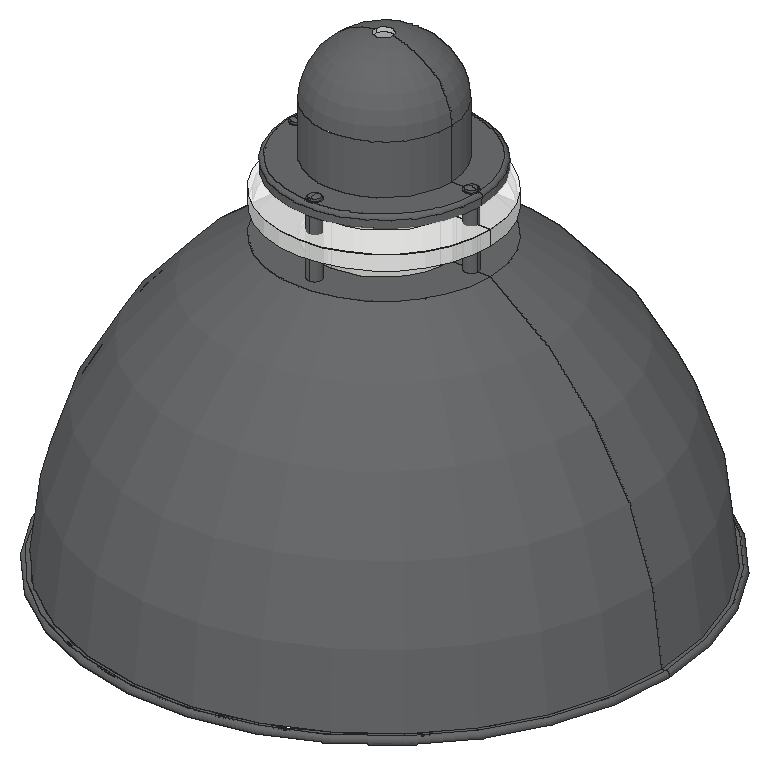
Revit family "UDP16 SHADE", category Lighting Fixtures, Revit 2024
Family settings
  Round Connector Dimension = Use Diameter
  Part Type = Normal
  OmniClass Number = 23.80.70.00
  OmniClass Title = Lighting
  Work Plane-Based = No
  Always vertical = Yes
  Cut with Voids When Loaded = No
  Light Source = Yes
  Maintain Annotation Orientation = No
  Shared = No
  Room Calculation Point = No
Parameters
  Wattage = 12.1178 W
  built-in parameter 1150110 = 1 (stored number, unit not read)
  built-in parameter 1114217 = 1 (stored number, unit not read)
  built-in parameter 1150109 = 1 (stored number, unit not read)
  built-in parameter 1150134 = (empty or 0)
  built-in parameter 1150113 = 1 (stored number, unit not read)
  Lumens = 1800 lm
  built-in parameter 1150115 = 1 (stored number, unit not read)
  built-in parameter 1150105 = 572.96 (stored number, unit not read)
  Light Source Symbol Size = 2' - 0"
  built-in parameter 1150137 = (empty or 0)
  built-in parameter 1150139 = (empty or 0)
  built-in parameter 1150112 = 1 (stored number, unit not read)
  built-in parameter 1150114 = 1 (stored number, unit not read)
  built-in parameter 1150132 = 2
  built-in parameter 1150102 = (empty or 0)
  built-in parameter 1150138 = (empty or 0)
  built-in parameter 1150107 = 3000 (stored number, unit not read)
  built-in parameter 1150106 = 5.7296 (stored number, unit not read)
  built-in parameter 1150104 = 13.8 (stored number, unit not read)
  Dimming Lamp Color Temperature Shift = (empty or 0)
  Default Elevation = 0' - 0"
  Color Filter = 16777215
  built-in parameter 1114218 = 1 (stored number, unit not read)
  built-in parameter 1150133 = 10 (stored number, unit not read)
Reference planes (in)
  plane 1 "Light Source Axis (F/B)": y = 0
  plane 2: z = 0
  plane 3 "Light Source Axis (L/R)": x = 0
  plane 4 "Light Source Elevation": z = 84
Forms (in)
  Revolve 1, solid
    sketch origin (0, 0, 0) x (1, 0, 0) y (0, 0, 1)
      loop
        line (-7.8002, 84.10625) -> (-7.7085, 84.10625)
        arc (-7.7085, 84.10625) -> (-6.39686, 88.81575) -> (-2.97396, 92.30625) r 9.80343
        line (-2.97396, 92.30625) -> (-1.90118, 92.30625) -> (-1.90118, 92.4) -> (-3, 92.4)
        arc (-3, 92.4) -> (-6.44837, 88.91368) -> (-7.8, 84.2) r 9.89718
        line (-7.8, 84.2) -> (-7.9, 84.2)
        arc (-7.9, 84.2) -> (-7.96847, 84.02711) -> (-7.8002, 84.10625) r 0.1
      loop
        line (-3, 93.15) -> (-2.90625, 93.15) -> (-2.90625, 93.48125) -> (-1.90118, 93.48125) -> (-1.90118, 93.575) -> (-3, 93.575) -> (-3, 93.15)
      loop
        line (-2.75, 94.10044) -> (-2.65625, 94.10044) -> (-2.65625, 94.30669) -> (-1.80625, 94.30669) -> (-1.80625, 95.80044)
        spline (-1.80625, 95.80044) -> (-1.79344, 95.99128) -> (-1.7552, 96.1795) -> (-1.69196, 96.36252) -> (-1.60458, 96.53777) -> (-1.49414, 96.70273) -> (-1.36217, 96.85506) -> (-1.21045, 96.9925) -> (-1.04107, 97.1129) -> (-0.85635, 97.21431) -> (-0.65912, 97.29547) -> (-0.45234, 97.35526) -> (-0.23894, 97.39257)
        line (-0.23894, 97.39257) -> (-0.25, 97.48566)
        spline (-0.25, 97.48566) -> (-0.4735, 97.44681) -> (-0.6902, 97.38431) -> (-0.89699, 97.29907) -> (-1.0909, 97.19231) -> (-1.26914, 97.06556) -> (-1.42916, 96.92065) -> (-1.56866, 96.75965) -> (-1.68563, 96.58488) -> (-1.7784, 96.39884) -> (-1.84563, 96.20422) -> (-1.88636, 96.00379) -> (-1.9, 95.80044)
        line (-1.9, 95.80044) -> (-1.9, 94.40044) -> (-2.65, 94.40044)
        arc (-2.65, 94.40044) -> (-2.72071, 94.37115) -> (-2.75, 94.30044) r 0.1
        line (-2.75, 94.30044) -> (-2.75, 94.10044)
      loop
        line (0, 88.07266) -> (0, 88.16641)
        arc (0, 88.16641) -> (-1.06508, 88.60758) -> (-1.50625, 89.67266) r 1.50625
        line (-1.50625, 89.67266) -> (-1.50625, 94.40044) -> (-1.6, 94.40044) -> (-1.6, 89.67266)
        arc (-1.6, 89.67266) -> (-1.13137, 88.54129) -> (0, 88.07266) r 1.6
      axis (0, 97.48566) -> (0, 84.10625)
    angle from 0 to 360
  Revolve 2, solid
    sketch origin (0, 0, 0) x (1, 0, 0) y (0, 0, 1)
      loop
        line (-2.44683, 94.40044) -> (-2.44683, 94.49064)
        arc (-2.44683, 94.49064) -> (-2.52592, 94.47299) -> (-2.60005, 94.44026) r 0.4136
        line (-2.60005, 94.44026) -> (-2.60005, 94.40044) -> (-2.44683, 94.40044)
      axis (-2.44683, 94.49064) -> (-2.44683, 94.40044)
    angle from 0 to 360
  Sweep 3, solid
    path origin (0, 0, 0) x (1, 0, 0) y (0, 0, 1)
      loop
        line (-2.44683, 94.40044) -> (-2.44683, 92.4)
    profile origin (-2.44683, 0, 93.40022) x (0, -1, 0) y (1, 0, 0)
      loop
        circle (0, 0) r 0.1875
  Revolve 4, solid
    sketch origin (0, 0, 0) x (0, -1, 0) y (0, 0, 1)
      loop
        line (-2.44683, 94.40044) -> (-2.44683, 94.49064)
        arc (-2.44683, 94.49064) -> (-2.52592, 94.47299) -> (-2.60005, 94.44026) r 0.4136
        line (-2.60005, 94.44026) -> (-2.60005, 94.40044) -> (-2.44683, 94.40044)
      axis (-2.44683, 94.49064) -> (-2.44683, 94.40044)
    angle from 0 to 360
  Sweep 5, solid
    path origin (0, 0, 0) x (0, -1, 0) y (0, 0, 1)
      loop
        line (-2.44683, 94.40044) -> (-2.44683, 92.4)
    profile origin (0, 2.44683, 93.40022) x (-1, 0, 0) y (0, -1, 0)
      loop
        circle (0, 0) r 0.1875
  Revolve 6, solid
    sketch origin (0, 0, 0) x (0, 1, 0) y (0, 0, 1)
      loop
        line (-2.44683, 94.40044) -> (-2.44683, 94.49064)
        arc (-2.44683, 94.49064) -> (-2.52592, 94.47299) -> (-2.60005, 94.44026) r 0.4136
        line (-2.60005, 94.44026) -> (-2.60005, 94.40044) -> (-2.44683, 94.40044)
      axis (-2.44683, 94.49064) -> (-2.44683, 94.40044)
    angle from 0 to 360
  Sweep 7, solid
    path origin (0, 0, 0) x (0, 1, 0) y (0, 0, 1)
      loop
        line (-2.44683, 94.40044) -> (-2.44683, 92.4)
    profile origin (0, -2.44683, 93.40022) x (1, 0, 0) y (0, 1, 0)
      loop
        circle (0, 0) r 0.1875
  Revolve 8, solid
    sketch origin (0, 0, 0) x (-1, 0, 0) y (0, 0, 1)
      loop
        line (-2.44683, 94.40044) -> (-2.44683, 94.49064)
        arc (-2.44683, 94.49064) -> (-2.52592, 94.47299) -> (-2.60005, 94.44026) r 0.4136
        line (-2.60005, 94.44026) -> (-2.60005, 94.40044) -> (-2.44683, 94.40044)
      axis (-2.44683, 94.49064) -> (-2.44683, 94.40044)
    angle from 0 to 360
  Sweep 9, solid
    path origin (0, 0, 0) x (-1, 0, 0) y (0, 0, 1)
      loop
        line (-2.44683, 94.40044) -> (-2.44683, 92.4)
    profile origin (2.44683, 0, 93.40022) x (0, 1, 0) y (-1, 0, 0)
      loop
        circle (0, 0) r 0.1875
Dimensions and locks (in)
  aligned and locked: plane 3 "Light Source Axis (L/R)" to imposter light
  aligned and locked: plane 1 "Light Source Axis (F/B)" to imposter light
  aligned and locked: plane 4 "Light Source Elevation" to imposter light
  aligned and locked: level to plane 2
